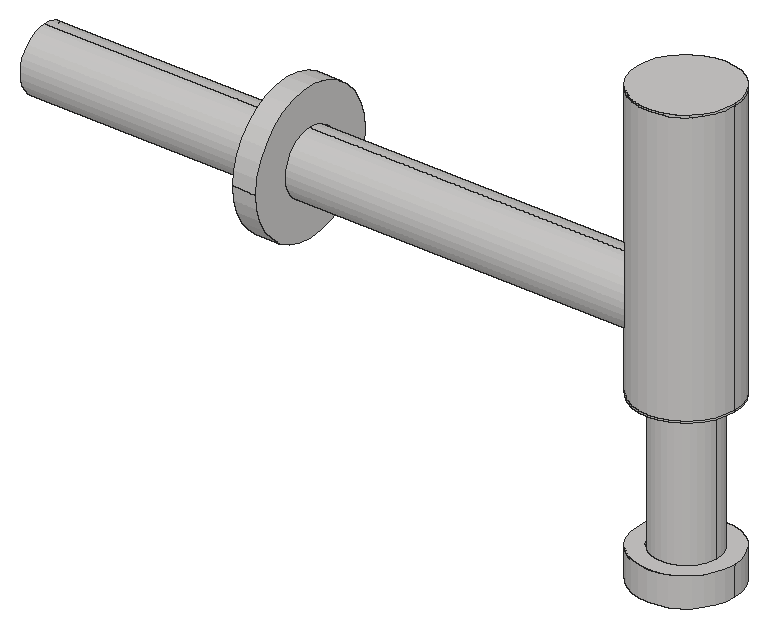
Revit family "TSL.650", category Specialty Equipment, host Face, Revit 2019
Family settings
  Host = Face
  Round Connector Dimension = Use Diameter
  Part Type = Normal
  OmniClass Number = 23.40.20.21
  OmniClass Title = Toilet and Bath Specialties
  Cut with Voids When Loaded = No
  Shared = No
  Room Calculation Point = No
Parameters (values of type "L-45")
  material test = none
  finish = Steel-Splashlab-Satin
  _distributed by = "www.thesplashlab.com"
  _current revision = 1
  _created by = CreatedBy  # "www.thesplashlab.com"
  _authorized by = ""
  _BIMspec_GUID = 0
  WarrantyStartDate [instance] = ""
  WarrantyGuarantorParts = ""
  WarrantyGuarantorLabor = ""
  WarrantyDurationUnit = "months"  # constant formula
  WarrantyDurationParts = "24"  # constant formula
  WarrantyDescription = "2 years from date of purchase"  # constant formula
  Version = ""
  Uniclass2 = "45-35-72/368"  # constant formula
  URL = "www.thesplashlab.com"
  TypeName = "L-650"  # constant formula
  Type Comments = "Satin Finish"
  TagNumber = ""
  Size = ""
  Shape = ""
  SerialNumber [instance] = ""
  ReplacementCost = ""
  ReferencedStandard = ""
  ProductionYear = ""
  Product Specification Link = "www.thesplashlab.com"
  Product Page Link = "www.thesplashlab.com"
  Product O&M Link = "www.thesplashlab.com"
  Product Documentation Link = "www.thesplashlab.com"
  NBSTypeID = ""
  NBSReference = Uniclass2  # "45-35-72/368"
  NBSObjectName = "TheSplashLab L-650"  # constant formula
  NBSNote = ""
  NBS Specfication = ""
  Mtrl_distributed by = ""
  Mtrl_current revision = 0
  Mtrl_created by = ""
  Mtrl_bimspec_guid = 0
  Mtrl_authorized by = ""
  Mtrl_WarrantyStartDate = ""
  Mtrl_WarrantyGuarantorParts = ""
  Mtrl_WarrantyGuarantorLabor = ""
  Mtrl_WarrantyDurationUnit = ""
  Mtrl_WarrantyDurationParts = 0
  Mtrl_WarrantyDurationLabor = 0
  Mtrl_WarrantyDescription = ""
  Mtrl_Uniclass2 = ""
  Mtrl_TypeName = ""
  Mtrl_TagNumber = 0
  Mtrl_SpareParts = ""
  Mtrl_Size = ""
  Mtrl_Shape = ""
  Mtrl_SerialNumber = 0
  Mtrl_ReplacementCost = 0
  Mtrl_ReferencedStandard = ""
  Mtrl_ProductionYear = ""
  Mtrl_ModelNumber = ""
  Mtrl_Material = Material  # "Stainless Steel"
  Mtrl_Manufacturer = ""
  Mtrl_InstallationDate = ""
  Mtrl_Grade = Grade  # "304"
  Mtrl_Finish = Finish  # "Satin"
  Mtrl_Features = ""
  Mtrl_ExpectedLife = 0
  Mtrl_Exidentifier = ""
  Mtrl_DurationUnit = ""
  Mtrl_DocumentationTechnical = ""
  Mtrl_DocumentationMaintenance = ""
  Mtrl_DocumentationLiterature = ""
  Mtrl_DocumentationInstallationGuide = ""
  Mtrl_DocumentationCertificates = ""
  Mtrl_CreatedOn = ""
  Mtrl_CreatedBy = ""
  Mtrl_Constituents = ""
  Mtrl_Color = Color  # ""
  Mtrl_CodePerformance = ""
  Mtrl_ClassificationValue = ""
  Mtrl_ClassificationName = ""
  Mtrl_BarCode = ""
  Mtrl_AssetType = ""
  Mtrl_AssetIdentifier = ""
  Mtrl_AccessibilityPerformance = ""
  ModelNumber = ""
  Model = "TSL-650"
  Material = "Stainless Steel"  # constant formula
  Manufacturer Tel = "0161 482 7000"  # constant formula
  Manufacturer Fax = ""
  Manufacturer Address = ""
  Manufacturer = "The Splash Lab"  # constant formula
  Keynote = "N13/340"
  InstallationDate [instance] = ""
  Grade = "304"  # constant formula
  Finish = "Satin"
  Features = ""
  Extidentifier = ""
  ExpectedLife = 2  # constant formula
  DurationUnit = "Years"  # constant formula
  DocumentationTechnical = "www.thesplashlab.com"
  DocumentationMaintenance = "www.thesplashlab.com"
  DocumentationLiterature = "www.thesplashlab.com"
  DocumentationInstallationGuide = "www.thesplashlab.com"
  DocumentationCertificates = ""
  Description = "The L-45 is a single toilet roll holder with a concealed fixing, constructed from stainless steel."  # constant formula
  Default Elevation = 900 mm
  CreatedOn = "Jan-2019"  # constant formula
  CreatedBy = "www.thesplashlab.com"  # constant formula
  Constituents = ""
  Color = ""
  CodePerformance = ""
  ClassificationValue = ""
  ClassificationName = ""
  BarCode [instance] = ""
  AssetType = "fixed"  # constant formula
  AssetIdentifier [instance] = ""
  Assembly Code = "E1010900"
  AccessibilityPerformance = ""
Reference planes
  plane 1 "Center (Front/Back)": y = 0
  plane 2: z = 0
  plane 3 "Center (Left/Right)": x = 0
Forms (mm)
  Extrusion 1, solid, material "Steel-Splashlab-Satin"
    sketch origin (0, 0, 14) x (-1, 0, 0) y (0, 1, 0)
      loop
        circle (0, 0) r 25
      loop
        circle (0, 0) r 16.5
    from -1 to 14
  Extrusion 2, solid, material "Steel-Splashlab-Satin"
    sketch origin (0, 0, 11) x (-1, 0, 0) y (0, 1, 0)
      loop
        circle (0, 0) r 16
      loop
        circle (0, 0) r 15
    from -81.207 to 5.818
  Extrusion 3, solid, material "Steel-Splashlab-Satin"
    sketch origin (0, 0, 11) x (-1, 0, 0) y (0, 1, 0)
      loop
        circle (0, 0) r 25
      loop
        circle (0, 0) r 16.5
    from -75.407 to -74.407
  Extrusion 4, solid, material "Steel-Splashlab-Satin"
    sketch origin (85, 0, 11) x (-1, 0, 0) y (0, 1, 0)
      loop
        circle (85, 0) r 25
      loop
        circle (85, 0) r 24
    from -215.407 to -75.407
  Extrusion 5, solid, material "Steel-Splashlab-Satin"
    sketch origin (85, 0, 27) x (-1, 0, 0) y (0, 1, 0)
      loop
        circle (85, 0) r 25
    from -200.407 to -199.407
  Extrusion 6, solid, material "Steel-Splashlab-Satin"
    sketch origin (175.407, 0, 123.907) x (0, -1, 0) y (0, 0, -1)
      loop
        circle (0, 0) r 16
      loop
        circle (0, 0) r 15
    from -505.407 to -175.407
  Extrusion 7, void
    sketch origin (-330, 0, 123.907) x (0, -1, 0) y (0, 0, -1)
      loop
        circle (0, 0) r 16.5
    from 282.468 to 330
  Extrusion 8, solid, material "Steel-Splashlab-Satin"
    sketch origin (-330, 0, 123.907) x (0, 1, 0) y (0, 0, -1)
      loop
        circle (0, 0) r 35
      loop
        circle (0, 0) r 16.5
    from -136.515 to -124.515
Cuts and joins
  Extrusion 7 cuts Extrusion 4
  joined: Extrusion 3, Extrusion 4, Extrusion 5
Dimensions and locks
  cut or joined group of Extrusion 3, Extrusion 4, Extrusion 5, Extrusion 7 to cut or joined group of Extrusion 3, Extrusion 4, Extrusion 5, Extrusion 7 = 142 mm
  aligned and locked: plane 2 to host face
  aligned and locked: level to host face
  aligned and locked: Extrusion 1 to level
